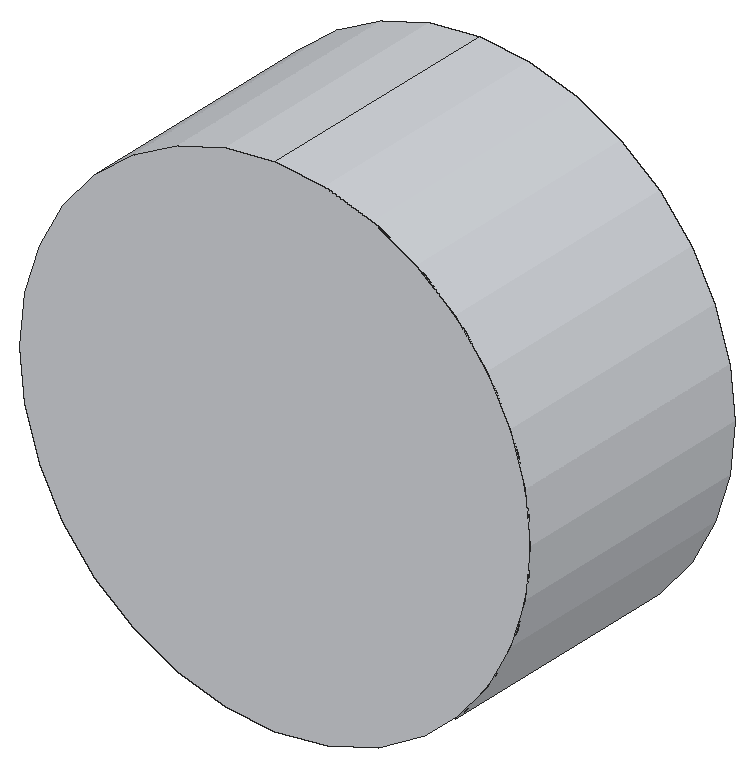
Revit family "UF-060-310_CE20IM4", category Equipement spécialisé, Revit 2021
Family settings
  Cote de connecteur circulaire = Utiliser le diamètre
  Type d'élément = Normal
  Numéro OmniClass = 23.85.50.31.11
  Titre OmniClass = Door Entry Telephones
  Basée sur le plan de construction = Non
  Toujours verticalement = Oui
  Couper avec des vides une fois chargée = Non
  Partagée = Non
  Point de calcul de pièce = Non
Parameters (values of type "CLAVIER CODE")
  URL = "https://www.urmet.fr/clavier+code+sans+percage+ptt+vigik+ce20im4-7792"
  Modèle = "CE20IM4"
  Fabricant = "URMET"
  Elévation par défaut = 0 mm
  Description = "CLAVIER INOX I4"
Reference planes
  plane 1 "Centre (avant/arrière)": y = 0
  plane 2: z = 0
  plane 3 "Centre (gauche/droite)": x = 0
Forms (mm)
  Extrusion 1, solid
    sketch origin (0, 0, 0) x (0, 0, 1) y (1, 0, 0)
      loop
        circle (0, 0) r 3.048
    from 0 to -3.048
Dimensions and locks
  aligned and locked: level to plane 2
Connectors
  electrical at (0, 0, 0)
    settings: on Extrusion 1, index 1, voltage 0 V, apparent load 0 VA, apparent load phase1 0 VA, apparent load phase2 0 VA, apparent load phase3 0 VA, power factor 1, load classification "Autre", number of poles 1, system type 12, power factor state 1, is connector primary yes, connector utility no, sub classification motor no, connector description ""
